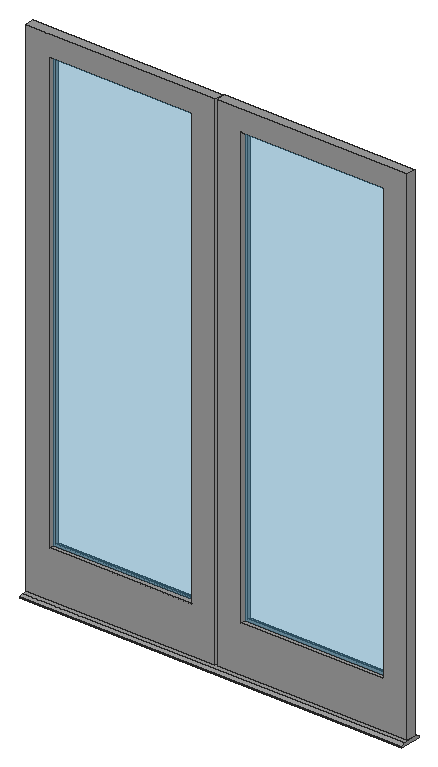
Revit family "ArmorDefend-Entrance-GearHinge-Pairs_Arc", category Curtain Panels, Revit 2017
Family settings
  OmniClass Number = 23.25.20.14.11.11.17
  OmniClass Title = Infill Panels
  Always vertical = Yes
  Cut with Voids When Loaded = No
  Shared = No
Parameters
  Width [instance] = 6' - 2"
  Wide Stile Entrance [instance] = not(Medium Stile Entrance)  # no
  URL = "obe.com"
  Rough Width [instance] = 6' - 0"
  Offset [instance] = 0' - 0"
  Model = "AO DOOR"
  Min Panel Width [instance] = if(Rough Width > 5' 11 255/256", Rough Width, 6' 0")  # 6' - 0"
  Medium Stile Entrance [instance] = yes
  Manufacturer = "Oldcastle BuildingEnvelope®"
  Keynote = "08 11 00"
  Height [instance] = 8' - 0"
  Glass Material = Glass
  Frame Material = Aluminum
  Door Panel Height [instance] = Height + 0' 0 1/2"  # 8' - 0 1/2"
  Description = "ArmorOne Medium/Wide Stile Entrance  - 7/16\" Infill"
  Assembly Code = "B2030"
  Analytic Construction = "<None>"
  8 Bottom Rail [instance] = yes
  10 Bottom Rail [instance] = not([8 Bottom Rail])  # no
Reference planes (in)
  plane 1 "Front": y = 0
  plane 2: z = 0
  plane 3 "Center (Left/Right)": x = 0
  plane 4 "Left": x = -37
  plane 5 "Right": x = 37
  plane 6 "Top": z = 96
  plane 7: x = -36
  plane 8: x = 36
Text (in)
  text "Exterior" at (-54.29358, 31.38743, 0), in view "Ref. Level"
  text "Exterior" at (480, 41.53993, 89.60405), in view "Right"
  text "Exterior" at (-240, 57.82419, 105.78864), in view "Left"
Dimensions and locks (in)
  equal spacing: plane 4 "Left", plane 3 "Center (Left/Right)", plane 5 "Right"
  "Width": plane 4 "Left" to plane 5 "Right"
  "Height": plane 6 "Top" to plane 2
  equal spacing: plane 7, plane 3 "Center (Left/Right)", plane 8
  "Min Panel Width": plane 7 to plane 8
  aligned and locked: level to plane 2
  aligned and locked: plane 3 "Center (Left/Right)" to nested 1
  aligned and locked: plane 1 "Front" to nested 1
Nested families (in)
  nested 1: "Double Door-Panel" at (0, -16, 0), Frame Material <- "Frame Material", Glass Material <- "Glass Material", 8 Bottom Rail <- "8 Bottom Rail", Width <- "Min Panel Width", Height <- "Door Panel Height", Offset <- "Offset", Medium Stile Entrance <- "Medium Stile Entrance", type "ArmorDefend Entrance-Double-1-Panel"
    with Wing Width 3' - 0", built-in parameter 1001301 6' - 0", Wide Stile Entrance no, Pushbar Height 3' - 5 1/4", Offset 0' - 0", Medium Stile Entrance yes, built-in parameter 1001300 8' - 0 1/2", Glass Material Glass, Frame Material Aluminum, Edge of meeting stiles 0' - 4 1/32", Edge of door panel 0' - 4 1/16", Bottom Rail 0' - 8 59/64", 8 Bottom Rail yes, 10 Bottom Rail no
Definition of nested family "Double Door-Panel"
  Parameters (values of type "MS-375 DOOR-Double-1-Panel")
    Wing Width [instance] = Width / 2  # 2' - 6"
    Width [instance] = 5' - 0"
    Wide Stile Entrance [instance] = not(Medium Stile Entrance)  # no
    Offset [instance] = 0' - 11.1405"
    Medium Stile Entrance [instance] = yes
    Height [instance] = 8' - 0"
    Pushbar Height [instance] = 3' - 5 1/4"  # constant formula
    Glass Material [instance] = none
    Frame Material [instance] = none
    Edge of meeting stiles [instance] = if(Medium Stile Entrance, 0' 4 1/32", if(Wide Stile Entrance, 0' 5 9/32", 0' 4 1/32"))  # 0' - 4 1/32"
    Edge of door panel [instance] = if(Medium Stile Entrance, 0' 4 1/16", if(Wide Stile Entrance, 0' 5 5/16", 0' 4 1/16"))  # 0' - 4 1/16"
    Bottom Rail [instance] = if([8 Bottom Rail], 0' 8 59/64", 0' 10 59/64")  # 0' - 8 59/64"
    Analytic Construction = "<None>"
    10 Bottom Rail [instance] = not([8 Bottom Rail])  # no
    8 Bottom Rail [instance] = yes
  Reference planes (in)
    plane 1 "00": y = 4.125
    plane 2: z = 0
    plane 3 "Center (Left/Right)": x = 0
    plane 4: z = 96
    plane 5: x = -30
    plane 6: x = 30
    plane 7 "Center (Front/Back)": y = 16
    plane 8 "Exterior": y = 4.5625
    plane 9: z = 48
    plane 10: z = 8.92187
    plane 11: z = 92.125
    plane 12: z = 0
    plane 13 "Offset": y = 4.8595
  Forms (in)
    Sweep 1, solid, material <- "Frame Material"
      path origin (0, 4.125, 0) x (1, 0, 0) y (0, 0, 1)
        loop
          line (-29.79555, 96) -> (-0.22004, 96)
      profile origin (-15.00779, 4.125, 96) x (0, 0, 1) y (0, -1, 0)
        loop
          line (-0.625, -0.672) -> (-0.625, 1.078) -> (-2.87093, 1.078) -> (-4.437, 1.078) -> (-4.437, 0.215) -> (-3.84375, 0.215) -> (-3.84375, -0.215) -> (-4.625, -0.215) -> (-4.625, -0.672) -> (-2.87093, -0.672) -> (-0.625, -0.672)
    Sweep 2, solid, material <- "Frame Material"
      path origin (0, 4.125, 0) x (1, 0, 0) y (0, 0, 1)
        loop
          line (-0.22004, 0) -> (-29.79555, 0)
      profile origin (-15.00779, 4.125, 0) x (0, 0, -1) y (0, -1, 0)
        loop
          line (-4.94906, -0.672) -> (-0.6875, -0.672) -> (-0.6875, 1.078) -> (-4.94906, 1.078) -> (-9.49949, 1.078) -> (-9.49949, 0.215) -> (-8.92187, 0.215) -> (-8.92187, -0.215) -> (-9.68749, -0.215) -> (-9.68749, -0.672) -> (-4.94906, -0.672)
    Sweep 3, solid, material <- "Frame Material"
      path origin (0, 4.125, 0) x (1, 0, 0) y (0, 0, 1)
        loop
          line (29.24042, 95.375) -> (29.24042, 0.6875)
      profile origin (29.24042, 4.125, 48.03125) x (0, -1, 0) y (1, 0, 0)
        loop
          line (-0.672, 0.55758) -> (-0.672, -1.45435) -> (-0.672, -4.08417) -> (-0.21513, -4.08417) -> (-0.21513, -3.30292) -> (0.215, -3.30292) -> (0.215, -3.89617) -> (1.078, -3.89617) -> (1.078, -1.45435) -> (1.078, 0.55683) -> (-0.672, 0.66583) -> (-0.672, 0.55758)
    Sweep 4, solid, material <- "Frame Material"
      path origin (0, 4.125, 0) x (1, 0, 0) y (0, 0, 1)
        loop
          line (-29.25, 95.375) -> (-29.25, 0.6875)
      profile origin (-29.25, 4.125, 48.03125) x (0, -1, 0) y (1, 0, 0)
        loop
          line (-0.672, -0.65455) -> (1.078, -0.54555) -> (1.078, 1.46393) -> (1.078, 3.90575) -> (0.215, 3.90575) -> (0.215, 3.3125) -> (-0.215, 3.3125) -> (-0.215, 4.09375) -> (-0.672, 4.09375) -> (-0.672, 1.46393) -> (-0.672, -0.65455)
    Sweep 5, solid, material <- "Frame Material"
      path origin (0, 4.125, 0) x (1, 0, 0) y (0, 0, 1)
        loop
          line (0, 95.375) -> (0, 0.6875)
      profile origin (0, 4.125, 48.03125) x (0, -1, 0) y (1, 0, 0)
        loop
          line (-0.672, -0.17438) -> (-0.672, -2.18343) -> (-0.672, -4.8125) -> (-0.21513, -4.8125) -> (-0.21513, -4.03125) -> (0.215, -4.03125) -> (0.215, -4.6245) -> (1.078, -4.6245) -> (1.078, -2.18343) -> (1.078, -0.22063)
          arc (1.078, -0.22063) -> (0.20714, -0.04083) -> (-0.672, -0.17438) r 2.52255
        loop
          arc (-0.672, 0.22063) -> (0.2073, 0.08458) -> (1.078, 0.26781) r 2.47882
          line (1.078, 0.26781) -> (1.078, 2.18343) -> (1.078, 4.6245) -> (0.215, 4.6245) -> (0.215, 4.03125) -> (-0.21513, 4.03125) -> (-0.21513, 4.8125) -> (-0.672, 4.8125) -> (-0.672, 2.18343) -> (-0.672, 0.22063)
    Sweep 6, solid, material <- "Frame Material"
      path origin (0, 4.125, 0) x (1, 0, 0) y (0, 0, 1)
        loop
          line (0.22004, 96) -> (29.79725, 96)
      profile origin (15.00864, 4.125, 96) x (0, 0, 1) y (0, -1, 0)
        loop
          line (-0.625, -0.672) -> (-0.625, 1.078) -> (-2.77706, 1.078) -> (-4.46825, 1.078) -> (-4.46825, 0.215) -> (-3.875, 0.215) -> (-3.875, -0.215) -> (-4.65625, -0.215) -> (-4.65625, -0.672) -> (-2.77706, -0.672) -> (-0.625, -0.672)
    Sweep 7, solid, material <- "Frame Material"
      path origin (0, 4.125, 0) x (1, 0, 0) y (0, 0, 1)
        loop
          line (29.79725, 0) -> (0.22004, 0)
      profile origin (15.00864, 4.125, 0) x (0, 0, -1) y (0, -1, 0)
        loop
          line (-3.49593, -0.672) -> (-0.6875, -0.672) -> (-0.6875, 1.078) -> (-3.49593, 1.078) -> (-9.49949, 1.078) -> (-9.49949, 0.215) -> (-8.92187, 0.215) -> (-8.92187, -0.215) -> (-9.68749, -0.215) -> (-9.68749, -0.672) -> (-3.49593, -0.672)
    Extrusion 8, solid, material <- "Glass Material", detail levels coarse
      sketch origin (0, 0, 0) x (1, 0, 0) y (0, 1, 0)
        loop
          line (4.03125, 4.34) -> (4.03125, 3.91) -> (25.9375, 3.91) -> (25.9375, 4.34) -> (4.03125, 4.34)
      from 92.125 to 8.92188
    Extrusion 9, solid, material <- "Glass Material", detail levels medium+fine
      sketch origin (0, 0, 0) x (1, 0, 0) y (0, 1, 0)
        loop
          line (4.03125, 3.91) -> (25.9375, 3.91) -> (25.9375, 4.035) -> (4.03125, 4.035) -> (4.03125, 3.91)
        loop
          line (25.9375, 4.34) -> (4.03125, 4.34) -> (4.03125, 4.215) -> (25.9375, 4.215) -> (25.9375, 4.34)
      from 8.92188 to 92.125
    Extrusion 10, solid, material <- "Glass Material", detail levels medium+fine
      sketch origin (0, 0, 0) x (1, 0, 0) y (0, 1, 0)
        loop
          line (-25.9375, 3.91) -> (-4.03125, 3.91) -> (-4.03125, 4.035) -> (-25.9375, 4.035) -> (-25.9375, 3.91)
        loop
          line (-4.03125, 4.34) -> (-25.9375, 4.34) -> (-25.9375, 4.215) -> (-4.03125, 4.215) -> (-4.03125, 4.34)
      from 8.92188 to 92.125
    Extrusion 11, solid, material <- "Glass Material", detail levels coarse
      sketch origin (0, 0, 0) x (1, 0, 0) y (0, 1, 0)
        loop
          line (-25.9375, 4.34) -> (-25.9375, 3.91) -> (-4.03125, 3.91) -> (-4.03125, 4.34) -> (-25.9375, 4.34)
      from 8.92188 to 92.125
    Sweep 12, solid, material <- "Frame Material"
      path origin (0, 4.8595, 0) x (1, 0, 0) y (0, 0, 1)
        loop
          line (-29.798, 0) -> (29.798, 0)
      profile origin (0, 4.8595, 0) x (0, 0, 1) y (0, -1, 0)
        loop
          line (0.5, 2.46847) -> (0.19362, 3.1255) -> (0, 3.1255) -> (0, -0.8745) -> (0.19362, -0.8745) -> (0.5, -0.21747) -> (0.5, 2.46847)
  Cuts and joins
    joined: Sweep 1, Sweep 2, Sweep 3, Sweep 4, Sweep 5, Sweep 6, Sweep 7
  Lines and regions (in)
    model lines
      curve 1: line (4.5625, 4.5625, 91.84375) -> (25.9375, 4.5625, 48.02216)
      curve 2: line (25.9375, 4.5625, 48.02216) -> (4.6245, 4.5625, 9.20312)
      curve 3: line (-4.8125, 4.5625, 91.84375) -> (-25.407, 4.5625, 48)
      curve 4: line (-25.407, 4.5625, 48) -> (-4.8125, 4.5625, 9.20312)
  Dimensions and locks (in)
    "Height": plane 4 to level
    equal spacing: plane 5, plane 3 "Center (Left/Right)", plane 6
    "Width": plane 5 to plane 6
    plane 1 "00" to plane 8 "Exterior" to plane 13 "Offset" = 0' - 0 7/16" locked, 0' - 0.297" locked
    equal spacing: level, plane 9, plane 4
    locked: plane 3 "Center (Left/Right)" to Sweep 2 sketch curve at 0.22004
    locked: Sweep 3 sketch curve to plane 4 at 0.625
    locked: Sweep 4 sketch curve to plane 4 at 0.625
    locked: plane 3 "Center (Left/Right)" to Sweep 1 sketch curve at 0.22004
    locked: Sweep 6 sketch curve to plane 3 "Center (Left/Right)" at 0.22004
    locked: Sweep 7 sketch curve to plane 3 "Center (Left/Right)" at 0.22004
    locked: Sweep 5 sketch curve to plane 4 at 0.625
    "Bottom Rail": plane 10 to plane 2
    locked: Sweep 7 sketch curve to plane 10 at 0.57761
    locked: Sweep 7 sketch curve to plane 10 at 0.76561
    locked: Sweep 2 sketch curve to plane 10 at 0.57761
    locked: Sweep 2 sketch curve to plane 10 at 0.76561
    equal spacing: plane 4, plane 9, plane 12
    locked: plane 11 to Sweep 6 sketch curve at 0.59325
    locked: plane 11 to Sweep 6 sketch curve at 0.78125
    locked: plane 4 to plane 11 at 3.875
    Extrusion 10 sketch curve to Extrusion 10 sketch curve to plane 1 "00" to Extrusion 10 sketch curve to Extrusion 10 sketch curve = 0' - 0 1/8" locked, 0' - 0.09" locked, 0' - 0.09" locked, 0' - 0 1/8" locked
    Extrusion 11 sketch curve to plane 1 "00" to Extrusion 11 sketch curve = 0' - 0.215" locked, 0' - 0.215" locked
    Extrusion 9 sketch curve to Extrusion 9 sketch curve to plane 1 "00" to Extrusion 9 sketch curve to Extrusion 9 sketch curve = 0' - 0 1/8" locked, 0' - 0.09" locked, 0' - 0.09" locked, 0' - 0 1/8" locked
    Extrusion 8 sketch curve to plane 1 "00" to Extrusion 8 sketch curve = 0' - 0.215" locked, 0' - 0.215" locked
    "Offset": plane 13 "Offset" to plane 7 "Center (Front/Back)"
    locked: plane 6 to Sweep 12 sketch curve at 0.202
    locked: Sweep 12 sketch curve to plane 5 at 0.202
    locked: Sweep 4 sketch curve to plane 12 at 0.6875
    locked: Sweep 5 sketch curve to plane 12 at 0.6875
    locked: Sweep 3 sketch curve to plane 12 at 0.6875
    "Edge of door panel": plane 5 to Sweep 4 sketch curve
    Sweep 4 sketch curve to Sweep 4 sketch curve to Sweep 4 sketch curve = 0' - 0.59325" locked, 0' - 0.188" locked
    "Edge of door panel": Sweep 3 sketch curve to plane 6
    Sweep 3 sketch curve to Sweep 3 sketch curve to Sweep 3 sketch curve = 0' - 0.188" locked, 0' - 0.59325" locked
    "Edge of meeting stiles": Sweep 5 sketch curve to plane 3 "Center (Left/Right)"
    "Edge of meeting stiles": plane 3 "Center (Left/Right)" to Sweep 5 sketch curve
    Sweep 5 sketch curve to Sweep 5 sketch curve to Sweep 5 sketch curve = 0' - 0.188" locked, 0' - 0.59325" locked
    Sweep 5 sketch curve to Sweep 5 sketch curve to Sweep 5 sketch curve = 0' - 0.59325" locked, 0' - 0.188" locked
    Sweep 4 sketch curve to Sweep 4 sketch curve to Sweep 4 sketch curve to Sweep 4 sketch curve to plane 13 "Offset" = 0' - 0.863" locked, 0' - 0.43" locked, 0' - 0.457" locked, 0' - 0 1/16" locked
    Sweep 5 sketch curve to Sweep 5 sketch curve to Sweep 5 sketch curve to Sweep 5 sketch curve to plane 13 "Offset" = 0' - 0.863" locked, 0' - 0.43012" locked, 0' - 0.45687" locked, 0' - 0 1/16" locked  (x2)
    Sweep 3 sketch curve to Sweep 3 sketch curve to Sweep 3 sketch curve to Sweep 3 sketch curve to plane 13 "Offset" = 0' - 0.863" locked, 0' - 0.43012" locked, 0' - 0.45687" locked, 0' - 0 1/16" locked
    aligned and locked: plane 2 to level
    aligned and locked: Sweep 1 sketch curve to plane 4
    aligned and locked: Sweep 2 sketch curve to level
    aligned and locked: plane 3 "Center (Left/Right)" to Sweep 5 sketch curve
    aligned and locked: Sweep 7 sketch curve to level
    aligned and locked: plane 4 to Sweep 6 sketch curve
    aligned and locked: Extrusion 10 to plane 10
    aligned and locked: Extrusion 11 to plane 10
    aligned and locked: Extrusion 9 to plane 10
    aligned and locked: Extrusion 8 to plane 10
    aligned and locked: plane 9 to curve 3
    aligned and locked: Sweep 12 sketch curve to plane 12
    aligned and locked: Sweep 7 sketch curve to plane 10
    aligned and locked: Extrusion 9 to Sweep 3  (x2)
    aligned and locked: Extrusion 9 to Sweep 5  (x2)
    aligned and locked: Extrusion 8 to Sweep 5
    aligned and locked: Extrusion 8 to Sweep 3
    aligned and locked: Extrusion 10 to Sweep 5  (x2)
    aligned and locked: Extrusion 10 to Sweep 4  (x2)
    aligned and locked: Extrusion 11 to Sweep 5
    aligned and locked: Extrusion 11 to Sweep 4
    aligned and locked: plane 11 to Extrusion 11
    aligned and locked: plane 11 to Extrusion 10
    aligned and locked: plane 11 to Sweep 6 sketch curve
    aligned and locked: plane 11 to Extrusion 9
    aligned and locked: plane 11 to Extrusion 8
  Automatic sketch dimensions
    plane 3 "Center (Left/Right)" to Extrusion 8 sketch curve = 0' - 4 1/32"
    plane 3 "Center (Left/Right)" to Extrusion 9 sketch curve = 0' - 4 1/32"
    Extrusion 9 sketch curve to Extrusion 9 sketch curve = 0' - 0"  (x2)
    Extrusion 10 sketch curve to Extrusion 10 sketch curve = 0' - 0"  (x2)
    Extrusion 10 sketch curve to plane 3 "Center (Left/Right)" = 0' - 4 1/32"
    Extrusion 11 sketch curve to plane 3 "Center (Left/Right)" = 0' - 4 1/32"
    plane 5 to Sweep 1 sketch curve = 0' - 0.20445"
    plane 5 to Sweep 2 sketch curve = 0' - 0.20445"
    Sweep 3 sketch curve to plane 6 = 0' - 0.75958"
    plane 5 to Sweep 4 sketch curve = 0' - 0 3/4"
    Sweep 6 sketch curve to plane 6 = 0' - 0.20275"
    Sweep 7 sketch curve to plane 6 = 0' - 0.20275"
    Extrusion 8 sketch curve to plane 6 = 0' - 4 1/16"
    Extrusion 9 sketch curve to plane 6 = 0' - 4 1/16"
    plane 5 to Extrusion 10 sketch curve = 0' - 4 1/16"
    plane 5 to Extrusion 11 sketch curve = 0' - 4 1/16"
    plane 5 to curve 3 = 0' - 4.593"
    plane 9 to curve 2 = 0' - 0.02216"
    curve 1 to plane 11 = 0' - 0 9/32"
    plane 3 "Center (Left/Right)" to curve 1 = 0' - 4 9/16"
    plane 10 to curve 4 = 0' - 0 9/32"
    plane 10 to curve 2 = 0' - 0 9/32"
    curve 3 to plane 11 = 0' - 0 9/32"
    curve 4 to plane 3 "Center (Left/Right)" = 0' - 4 13/16"
    curve 3 to plane 3 "Center (Left/Right)" = 0' - 4 13/16"
    plane 3 "Center (Left/Right)" to curve 2 = 0' - 4.6245"
    curve 2 to plane 6 = 0' - 4 1/16"
    Sweep 1 sketch curve to plane 1 "00" = 0' - 0.215"
    profile plane to Sweep 1 sketch curve = 0' - 4 5/8"
    plane 1 "00" to Sweep 1 sketch curve = 0' - 0.215"
    Sweep 1 sketch curve to Sweep 1 sketch curve = 0' - 0.188"
    Sweep 1 sketch curve to Sweep 1 sketch curve = 0' - 0.59325"
    Sweep 1 sketch curve to Sweep 1 sketch curve = 0' - 0.97282"  (x2)
    profile plane to Sweep 1 sketch curve = 0' - 0 5/8"
    Sweep 1 sketch curve to plane 1 "00" = 0' - 0.672"
    plane 1 "00" to Sweep 1 sketch curve = 0' - 1.078"
    Sweep 6 sketch curve to Sweep 6 sketch curve = 0' - 1.09794"  (x2)
    profile plane to Sweep 6 sketch curve = 0' - 0 5/8"
    Sweep 6 sketch curve to plane 1 "00" = 0' - 0.672"
    Sweep 6 sketch curve to plane 1 "00" = 0' - 0.215"
    plane 1 "00" to Sweep 6 sketch curve = 0' - 0.215"
    plane 1 "00" to Sweep 6 sketch curve = 0' - 1.078"
    plane 1 "00" to Sweep 7 sketch curve = 0' - 1.078"
    profile plane to Sweep 7 sketch curve = 0' - 3.49593"
    Sweep 7 sketch curve to plane 1 "00" = 0' - 0.672"
    Sweep 7 sketch curve to Sweep 7 sketch curve = 0' - 0"
    profile plane to Sweep 7 sketch curve = 0' - 0 11/16"
    Sweep 7 sketch curve to plane 1 "00" = 0' - 0.215"
    plane 1 "00" to Sweep 7 sketch curve = 0' - 0.215"
    plane 1 "00" to Sweep 2 sketch curve = 0' - 0.215"
    Sweep 2 sketch curve to Sweep 2 sketch curve = 0' - 0.57761"
    plane 1 "00" to Sweep 2 sketch curve = 0' - 1.078"
    Sweep 2 sketch curve to Sweep 2 sketch curve = 0' - 3.97282"
    Sweep 2 sketch curve to plane 1 "00" = 0' - 0.672"
    Sweep 2 sketch curve to Sweep 2 sketch curve = 0' - 0"
    profile plane to Sweep 2 sketch curve = 0' - 0 11/16"
    Sweep 2 sketch curve to plane 1 "00" = 0' - 0.215"
    profile plane to Sweep 12 sketch curve = 0' - 0"
    Sweep 12 sketch curve to Sweep 12 sketch curve = 0' - 0.19362"  (x2)
    Sweep 12 sketch curve to plane 13 "Offset" = 0' - 0.21747"
    Sweep 12 sketch curve to profile plane = 0' - 0 1/2"
    Sweep 12 sketch curve to plane 13 "Offset" = 0' - 0.8745"
    plane 13 "Offset" to Sweep 12 sketch curve = 0' - 3.1255"
    Sweep 12 sketch curve to Sweep 12 sketch curve = 0' - 0.65703"
    profile plane to Sweep 3 sketch curve = 0' - 1.45435"  (x2)
    Sweep 3 sketch curve to profile plane = 0' - 0.55683"
    Sweep 3 sketch curve to profile plane = 0' - 0.55758"
    Sweep 3 sketch curve to Sweep 3 sketch curve = 0' - 0.10825"
    Sweep 4 sketch curve to profile plane = 0' - 1.46393"  (x2)
    profile plane to Sweep 4 sketch curve = 0' - 0.54555"
    profile plane to Sweep 4 sketch curve = 0' - 0.65455"
    plane 1 "00" to Sweep 5 sketch curve = 0' - 0.1405"  (x2)
    Sweep 5 sketch curve to Sweep 5 sketch curve = 0' - 1 15/32"
    Sweep 5 sketch curve to Sweep 5 sketch curve = 0' - 0.37907"  (x4)
    profile plane to Sweep 5 sketch curve = 0' - 0.22063"
    Sweep 5 sketch curve to profile plane = 0' - 0.22063"
    Sweep 5 sketch curve to profile plane = 0' - 0.26781"
